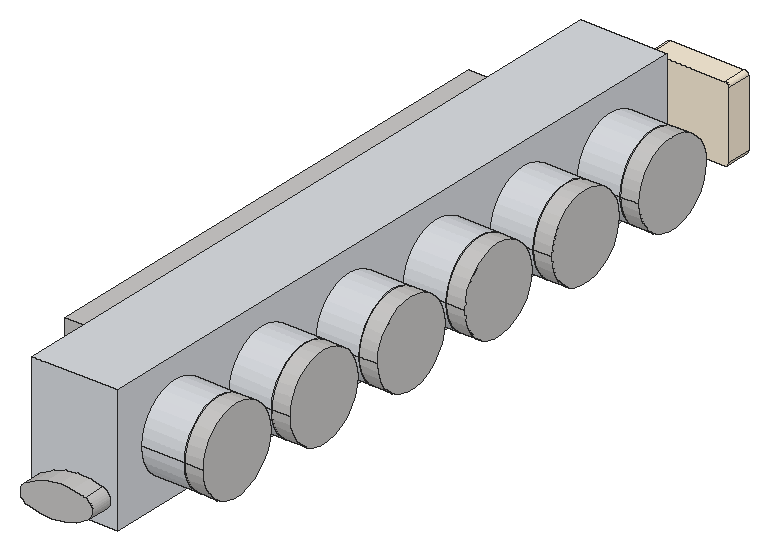
Revit family "HVAC_Ductwork_Airzone_Motorized-Plenum_Mitsubishi-Heavy_Standard_6-Dampers", category Mechanical Equipment, Revit 2016
Family settings
  Part Type = Normal
  Round Connector Dimension = Use Diameter
  OmniClass Number = 23.75.70.14
  OmniClass Title = Air Ductwork
  Work Plane-Based = No
  Always vertical = Yes
  Cut with Voids When Loaded = No
  Shared = No
  Room Calculation Point = No
Parameters (values of type "MHIST01L6")
  Voltage = 230 V
  URL = "www.airzone.es"
  Type Image Comments = "Image available in product documentation download"  # constant formula
  Revit Model Version = "1.0"  # constant formula
  Revit Model Author URL = "www.a3d.es"
  Revit Model Author = "A3D Consulting"  # constant formula
  Product Documentation Download URL = "http://doc.airzone.es/BIM/Easyzone/Mitsubishi_Heavy-Airzone_motorized_plenum.zip"
  Product Comments = "Refer to technical documentation for further details"  # constant formula
  Power Factor = 1
  Neck Width = 1206.000 mm
  Neck Length = 95.000 mm
  Neck Height = 176.000 mm
  Material = Metal - AIRZONE - Galvanized Sheet - Semi-polished
  Main Control Board Material = Plastic - AIRZONE - Smooth - Off-white
  Load Classification = Other
  Insulated Body Width = 205.000 mm  # constant formula
  Insulated Body Material = Metal -AIRZONE - Insulating Lining -Aluminum Finish
  Insulated Body Length = 1638.600 mm  # constant formula
  Insulated Body Height = 300.000 mm  # constant formula
  Flow [instance] = Damper 6 Air Flow + Damper 5 Air Flow + Damper 4 Air Flow + Damper 3 Air Flow + Damper 2 Air Flow + Damper 1 Air Flow - Fresh Air Inlet 2 Flow - Fresh Air Inlet 1 Flow  # 1800 m³/h
  Fresh Air Inlet 1 Flow [instance] = 0 m³/h
  Fresh Air Inlet 2 Flow [instance] = 0 m³/h
  Fresh Air Inlet Connection Width = 175.000 mm
  Fresh Air Inlet Connection Height = 75.000 mm
  Model = "MHIST01L6"
  Neck Side Offset = 216.300 mm
  Neck Bottom Offset = 79.000 mm
  Type Image = <None>
  Manufacturer = "AIRZONE"  # constant formula
  Main Control Board Depth = 57.000 mm  # constant formula
  Main Control Board Width = 195.000 mm  # constant formula
  Main Control Board Height = 180.000 mm  # constant formula
  Fixing = ""
  Disclaimer = "All information provided in this model is reviewed before being published. However, Airzone cannot guarantee this model is error-free, therefore users are strongly encouraged to check for technical documentation and updates"  # constant formula
  Description = "Airzone standard motorized plenum with neck that mechanically adapts to the main ducted AC units of Mitsubishi Heavy."
  Type Comments = ""
  Dampers Length = 149.000 mm  # constant formula
  Dampers Diameter = 200.000 mm  # constant formula
  Damper 6 Air Flow [instance] = 300 m³/h
  Damper 5 Air Flow [instance] = 300 m³/h
  Damper 4 Air Flow [instance] = 300 m³/h
  Damper 1 Air Flow [instance] = 300 m³/h
  Damper 2 Air Flow [instance] = 300 m³/h
  Damper 3 Air Flow [instance] = 300 m³/h
  Fresh Air Inlet Connection Offset Height = 48.305 mm  # constant formula
  Compatible Accesories = ""
  Apparent Load = 57.5 VA
Types (3, lengths in mm): name | Neck Width | Model | Neck Side Offset
  MHIST01L6 | 1206.000 | "MHIST01L6" | 216.300
  MHIST01M6 | 886.000 | "MHIST01M6" | 376.300
  MHIST01S6 | 686.000 | "MHIST01S6" | 476.300
Reference planes
  plane 1 "Center (Front/Back)": y = 0
  plane 2 "Center (Elevation)": z = 0
  plane 3 "Center (Left/Right)": x = 0
  plane 4 "Neck Back": y = 603
  plane 5 "Neck Front": y = -603
  plane 6 "Neck Top": z = 88
  plane 7 "Neck Bottom": z = -88
  plane 8 "Left": x = 95
  plane 9 "Bottom": z = -167
  plane 10 "Top": z = 133
  plane 11 "Front": y = -819.3
  plane 12 "Back": y = 819.3
  plane 13 "Right": x = 300
  plane 14 "Dampers Front": x = 449
  plane 15 "Dampers Center (Elevation)": z = -17
  plane 16 "Damper3": y = 130
  plane 17 "Damper2": y = 390
  plane 18 "Damper1": y = 650
  plane 19 "Middle": y = 0
  plane 20 "FreshAir Center (Elevation)": z = -118.695
  plane 21 "FreshAir1": y = 871.8
  plane 22 "FreshAir2": y = -871.8
  plane 23 "Dampers Lining": x = 404
  plane 24 "FreshAir Vertical Axis": x = 195.83
  plane 25 "ConnectionBox Side": x = 254
  plane 26 "Main Control Board Center (Left/Right)": x = 351.5
  plane 27 "Damper4": y = -130
  plane 28 "Damper5": y = -390
  plane 29 "Damper6": y = -650
Forms (mm)
  Extrusion 1, solid, material "Metal - AIRZONE - Galvanized Sheet - Semi-polished" <- "Material"
    sketch origin (0, 0, 0) x (0, 1, 0) y (0, 0, 1)
      loop
        line (-603, 88) -> (-603, -88) -> (603, -88) -> (603, 88) -> (-603, 88)
    from 0 to 95
  Extrusion 2, solid, material "Metal -AIRZONE - Insulating Lining -Aluminum Finish" <- "Insulated Body Material"
    sketch origin (95, 0, 0) x (0, 1, 0) y (0, 0, 1)
      loop
        line (-819.3, 133) -> (-819.3, -167) -> (819.3, -167) -> (819.3, 133) -> (-819.3, 133)
    from 0 to 205
  Extrusion 3, solid, material "Metal - AIRZONE - Galvanized Sheet - Semi-polished" <- "Material"
    sketch origin (300, 0, 0) x (0, 1, 0) y (0, 0, 1)
      loop
        circle (130, -17) r 100
    from 104 to 149
  Extrusion 4, solid, material "Metal - AIRZONE - Galvanized Sheet - Semi-polished" <- "Material"
    sketch origin (300, 0, 0) x (0, 1, 0) y (0, 0, 1)
      loop
        circle (390, -17) r 100
    from 104 to 149
  Extrusion 5, solid, material "Metal - AIRZONE - Galvanized Sheet - Semi-polished" <- "Material"
    sketch origin (300, 0, 0) x (0, 1, 0) y (0, 0, 1)
      loop
        circle (650, -17) r 100
    from 104 to 149
  Extrusion 6, solid, material "Metal - AIRZONE - Galvanized Sheet - Semi-polished" <- "Material"
    sketch origin (0, -819.3, 0) x (0, 0, 1) y (1, 0, 0)
      loop
        arc (-86.141, 265.204) -> (-107.608, 282.105) -> (-132.312, 270.434) r 25.96
        arc (-132.312, 270.434) -> (-158.302, 200.598) -> (-150.849, 126.456) r 164.67
        arc (-150.849, 126.456) -> (-129.665, 109.589) -> (-104.994, 120.751) r 25.96
        arc (-104.994, 120.751) -> (-78.725, 190.78) -> (-86.141, 265.204) r 164.67
    from 0 to -52.5
  Extrusion 7, solid, material "Metal - AIRZONE - Galvanized Sheet - Semi-polished" <- "Material"
    sketch origin (0, 819.3, 0) x (0, 0, 1) y (1, 0, 0)
      loop
        arc (-86.141, 265.204) -> (-107.325, 282.071) -> (-131.996, 270.909) r 25.96
        arc (-131.996, 270.909) -> (-158.179, 201.53) -> (-151.267, 127.699) r 164.67
        arc (-151.267, 127.699) -> (-130.032, 109.637) -> (-104.678, 121.226) r 25.96
        arc (-104.678, 121.226) -> (-78.688, 191.062) -> (-86.141, 265.204) r 164.67
    from 0 to 52.5
  Extrusion 8, solid, material "Metal -AIRZONE - Insulating Lining -Aluminum Finish" <- "Insulated Body Material"
    sketch origin (300, 0, 0) x (0, 1, 0) y (0, 0, 1)
      loop
        circle (650, -17) r 100
    from 0 to 104
  Extrusion 9, solid, material "Metal -AIRZONE - Insulating Lining -Aluminum Finish" <- "Insulated Body Material"
    sketch origin (300, -260, 0) x (0, 1, 0) y (0, 0, 1)
      loop
        circle (650, -17) r 100
    from 0 to 104
  Extrusion 10, solid, material "Metal -AIRZONE - Insulating Lining -Aluminum Finish" <- "Insulated Body Material"
    sketch origin (300, -520, 0) x (0, 1, 0) y (0, 0, 1)
      loop
        circle (650, -17) r 100
    from 0 to 104
  Extrusion 11, solid, material "Metal - AIRZONE - Galvanized Sheet - Semi-polished" <- "Material"
    sketch origin (300, -190, 0) x (0, 1, 0) y (0, 0, 1)
      loop
        circle (60, -17) r 100
    from 104 to 149
  Extrusion 12, solid, material "Metal -AIRZONE - Insulating Lining -Aluminum Finish" <- "Insulated Body Material"
    sketch origin (300, -710, 0) x (0, 1, 0) y (0, 0, 1)
      loop
        circle (580, -17) r 100
    from 0 to 104
  Extrusion 13, solid, material "Metal -AIRZONE - Insulating Lining -Aluminum Finish" <- "Insulated Body Material"
    sketch origin (300, -970, 0) x (0, 1, 0) y (0, 0, 1)
      loop
        circle (580, -17) r 100
    from 0 to 104
  Extrusion 14, solid, material "Metal - AIRZONE - Galvanized Sheet - Semi-polished" <- "Material"
    sketch origin (300, -450, 0) x (0, 1, 0) y (0, 0, 1)
      loop
        circle (60, -17) r 100
    from 104 to 149
  Extrusion 15, solid, material "Metal -AIRZONE - Insulating Lining -Aluminum Finish" <- "Insulated Body Material"
    sketch origin (300, -1230, 0) x (0, 1, 0) y (0, 0, 1)
      loop
        circle (580, -17) r 100
    from 0 to 104
  Extrusion 16, solid, material "Metal - AIRZONE - Galvanized Sheet - Semi-polished" <- "Material"
    sketch origin (300, -710, 0) x (0, 1, 0) y (0, 0, 1)
      loop
        circle (60, -17) r 100
    from 104 to 149
Lines and regions (mm)
  Masking region 1
    outline origin (0, 0, 0) x (1, 0, 0) y (0, 1, 0)
      loop
        line (95, 819.3) -> (95, -819.3) -> (300, -819.3) -> (300, 819.3) -> (95, 819.3)
  Masking region 2, detail levels medium+fine
    outline origin (0, 0, 0) x (1, 0, 0) y (0, 1, 0)
      loop
        line (0, 603) -> (0, -603) -> (95, -603) -> (95, 603) -> (0, 603)
  Masking region 3, detail levels medium+fine
    outline origin (0, 0, 0) x (1, 0, 0) y (0, 1, 0)
      loop
        line (300, 230) -> (300, 30) -> (449, 30) -> (449, 230) -> (300, 230)
  Masking region 4, detail levels medium+fine
    outline origin (0, 260, 0) x (1, 0, 0) y (0, 1, 0)
      loop
        line (300, 230) -> (300, 30) -> (449, 30) -> (449, 230) -> (300, 230)
  Masking region 5, detail levels medium+fine
    outline origin (0, 520, 0) x (1, 0, 0) y (0, 1, 0)
      loop
        line (300, 230) -> (300, 30) -> (449, 30) -> (449, 230) -> (300, 230)
  Masking region 6, detail levels medium+fine
    outline origin (0, 0, -118.695) x (1, 0, 0) y (0, 1, 0)
      loop
        line (108.33, 871.8) -> (108.33, 819.3) -> (283.33, 819.3) -> (283.33, 871.8) -> (108.33, 871.8)
  Masking region 7, detail levels medium+fine
    outline origin (0, 0, -118.695) x (1, 0, 0) y (0, 1, 0)
      loop
        line (108.33, -819.3) -> (108.33, -871.8) -> (283.33, -871.8) -> (283.33, -819.3) -> (108.33, -819.3)
  Masking region 8, detail levels medium+fine
    outline origin (0, 0, 133) x (0, -1, 0) y (1, 0, 0)
      loop
        line (-876.3, 254) -> (-819.3, 254) -> (-819.3, 449) -> (-876.3, 449) -> (-876.3, 254)
  Masking region 9, detail levels medium+fine
    outline origin (0, -190, 0) x (1, 0, 0) y (0, 1, 0)
      loop
        line (300, 160) -> (300, -40) -> (449, -40) -> (449, 160) -> (300, 160)
  Masking region 10, detail levels medium+fine
    outline origin (0, -450, 0) x (1, 0, 0) y (0, 1, 0)
      loop
        line (300, 160) -> (300, -40) -> (449, -40) -> (449, 160) -> (300, 160)
  Masking region 11, detail levels medium+fine
    outline origin (0, -710, 0) x (1, 0, 0) y (0, 1, 0)
      loop
        line (300, 160) -> (300, -40) -> (449, -40) -> (449, 160) -> (300, 160)
  symbolic lines, detail levels coarse
    curve 1: line (95, -819.3, 0) -> (300, 130, 0)
    curve 2: line (300, 130, 0) -> (95, 819.3, 0)
Dimensions and locks
  equal spacing: plane 4 "Neck Back", plane 1 "Center (Front/Back)", plane 5 "Neck Front"
  "Neck Width": plane 4 "Neck Back" to plane 5 "Neck Front"
  equal spacing: plane 6 "Neck Top", level, plane 7 "Neck Bottom"
  "Neck Height": plane 6 "Neck Top" to plane 7 "Neck Bottom"
  "Neck Length": plane 3 "Center (Left/Right)" to plane 8 "Left"
  "Neck Bottom Offset": plane 7 "Neck Bottom" to plane 9 "Bottom"
  "Insulated Body Height": plane 10 "Top" to plane 9 "Bottom"
  "Insulated Body Length": plane 12 "Back" to plane 11 "Front"
  "Insulated Body Width": plane 8 "Left" to plane 13 "Right"
  "Dampers Length": plane 13 "Right" to plane 14 "Dampers Front"
  equal spacing: plane 10 "Top", plane 15 "Dampers Center (Elevation)", plane 9 "Bottom"
  equal spacing: plane 12 "Back", plane 19 "Middle", plane 11 "Front"
  plane 8 "Left" to plane 13 "Right" = 205.000 mm
  "Fresh Air Inlet Connection Offset Height": plane 20 "FreshAir Center (Elevation)" to plane 9 "Bottom"
  locked: Extrusion 6 sketch curve to plane 9 "Bottom" at 56.47
  locked: plane 13 "Right" to Extrusion 6 sketch curve at 43.69
  locked: plane 13 "Right" to Extrusion 6 sketch curve at 164.65
  locked: Extrusion 6 sketch curve to plane 9 "Bottom" at 40.54
  locked: plane 13 "Right" to Extrusion 6 sketch curve at 87.91
  locked: plane 9 "Bottom" to Extrusion 6 sketch curve at 75.01
  locked: plane 13 "Right" to Extrusion 6 sketch curve at 120.43
  locked: Extrusion 6 sketch curve to plane 9 "Bottom" at 172.02
  locked: plane 13 "Right" to Extrusion 7 sketch curve at 43.69
  locked: Extrusion 7 sketch curve to plane 9 "Bottom" at 56.47
  locked: Extrusion 7 sketch curve to plane 9 "Bottom" at 40.54
  locked: plane 13 "Right" to Extrusion 7 sketch curve at 164.65
  locked: plane 13 "Right" to Extrusion 7 sketch curve at 120.43
  locked: Extrusion 7 sketch curve to plane 9 "Bottom" at 172.02
  locked: plane 9 "Bottom" to Extrusion 7 sketch curve at 75.01
  locked: plane 13 "Right" to Extrusion 7 sketch curve at 87.91
  "Neck Side Offset": plane 12 "Back" to plane 4 "Neck Back"
  locked: plane 21 "FreshAir1" to plane 12 "Back" at 52.5
  plane 11 "Front" to plane 22 "FreshAir2" = 52.500 mm
  locked: connector elem to plane 13 "Right" at 104.17
  locked: plane 20 "FreshAir Center (Elevation)" to connector elem
  locked: plane 13 "Right" to connector elem at 104.17
  locked: connector elem to plane 20 "FreshAir Center (Elevation)"
  locked: plane 23 "Dampers Lining" to plane 14 "Dampers Front" at 45
  locked: plane 24 "FreshAir Vertical Axis" to plane 13 "Right" at 104.17
  equal spacing: Masking region 3 sketch curve, plane 16 "Damper3", Masking region 3 sketch curve
  "Dampers Diameter": Masking region 3 sketch curve to Masking region 3 sketch curve
  "Dampers Diameter": Masking region 4 sketch curve to Masking region 4 sketch curve
  equal spacing: Masking region 5 sketch curve, plane 18 "Damper1", Masking region 5 sketch curve
  "Dampers Diameter": Masking region 5 sketch curve to Masking region 5 sketch curve
  equal spacing: Masking region 6 sketch curve, plane 24 "FreshAir Vertical Axis", Masking region 6 sketch curve
  "Fresh Air Inlet Connection Width": Masking region 6 sketch curve to Masking region 6 sketch curve
  equal spacing: Masking region 7 sketch curve, plane 24 "FreshAir Vertical Axis", Masking region 7 sketch curve
  "Fresh Air Inlet Connection Width": Masking region 7 sketch curve to Masking region 7 sketch curve
  "Main Control Board Depth": Masking region 8 sketch curve to plane 12 "Back"
  "Main Control Board Width": plane 25 "ConnectionBox Side" to plane 14 "Dampers Front"
  equal spacing: plane 25 "ConnectionBox Side", plane 26 "Main Control Board Center (Left/Right)", plane 14 "Dampers Front"
  locked: nested 1 to plane 10 "Top" at 10
  equal spacing: Masking region 4 sketch curve, plane 17 "Damper2", Masking region 4 sketch curve
  equal spacing: Masking region 9 sketch curve, plane 27 "Damper4", Masking region 9 sketch curve
  "Dampers Diameter": Masking region 9 sketch curve to Masking region 9 sketch curve
  plane 18 "Damper1" to plane 17 "Damper2" to plane 16 "Damper3" to plane 27 "Damper4" to plane 28 "Damper5" to plane 29 "Damper6" = 260.000 mm locked, 260.000 mm locked, 260.000 mm locked, 260.000 mm locked, 260.000 mm locked
  locked: plane 16 "Damper3" to plane 19 "Middle" at 130
  equal spacing: Masking region 10 sketch curve, plane 28 "Damper5", Masking region 10 sketch curve
  "Dampers Diameter": Masking region 10 sketch curve to Masking region 10 sketch curve
  equal spacing: Masking region 11 sketch curve, plane 29 "Damper6", Masking region 11 sketch curve
  "Dampers Diameter": Masking region 11 sketch curve to Masking region 11 sketch curve
  "Dampers Diameter": diameter of Extrusion 3 sketch curve
  "Dampers Diameter": diameter of Extrusion 4 sketch curve
  "Dampers Diameter": diameter of Extrusion 5 sketch curve
  radius of Extrusion 7 sketch curve = 164.670 mm  (x2)
  radius of Extrusion 7 sketch curve = 25.960 mm  (x2)
  radius of Extrusion 6 sketch curve = 164.670 mm  (x2)
  radius of Extrusion 6 sketch curve = 25.960 mm  (x2)
  "Dampers Diameter": diameter of Extrusion 8 sketch curve
  "Dampers Diameter": diameter of Extrusion 9 sketch curve
  "Dampers Diameter": diameter of Extrusion 10 sketch curve
  "Dampers Diameter": diameter of Extrusion 11 sketch curve
  "Dampers Diameter": diameter of Extrusion 12 sketch curve
  "Dampers Diameter": diameter of Extrusion 13 sketch curve
  "Dampers Diameter": diameter of Extrusion 14 sketch curve
  "Dampers Diameter": diameter of Extrusion 15 sketch curve
  "Dampers Diameter": diameter of Extrusion 16 sketch curve
  aligned and locked: level to plane 2 "Center (Elevation)"
  aligned and locked: plane 5 "Neck Front" to Extrusion 1 sketch curve
  aligned and locked: Extrusion 1 sketch curve to plane 6 "Neck Top"
  aligned and locked: Extrusion 1 sketch curve to plane 4 "Neck Back"
  aligned and locked: plane 7 "Neck Bottom" to Extrusion 1 sketch curve
  aligned and locked: Extrusion 1 to plane 3 "Center (Left/Right)"
  aligned and locked: Extrusion 2 sketch curve to plane 10 "Top"
  aligned and locked: Extrusion 2 sketch curve to plane 12 "Back"
  aligned and locked: Extrusion 2 sketch curve to plane 9 "Bottom"
  aligned and locked: plane 11 "Front" to Extrusion 2 sketch curve
  aligned and locked: Extrusion 2 to plane 13 "Right"
  aligned and locked: Extrusion 2 to plane 8 "Left"
  aligned and locked: plane 16 "Damper3" to Extrusion 3 sketch curve
  aligned and locked: plane 15 "Dampers Center (Elevation)" to Extrusion 3 sketch curve
  aligned and locked: plane 15 "Dampers Center (Elevation)" to Extrusion 4 sketch curve
  aligned and locked: plane 18 "Damper1" to Extrusion 5 sketch curve
  aligned and locked: plane 15 "Dampers Center (Elevation)" to Extrusion 5 sketch curve
  aligned and locked: plane 14 "Dampers Front" to Extrusion 5
  aligned and locked: plane 14 "Dampers Front" to Extrusion 4
  aligned and locked: plane 14 "Dampers Front" to Extrusion 3
  aligned and locked: plane 8 "Left" to Extrusion 1
  aligned and locked: plane 22 "FreshAir2" to Extrusion 6
  aligned and locked: plane 21 "FreshAir1" to Extrusion 7
  aligned and locked: Extrusion 7 to plane 12 "Back"
  aligned and locked: plane 11 "Front" to Extrusion 6
  aligned and locked: Extrusion 5 to plane 23 "Dampers Lining"
  aligned and locked: Extrusion 5 to Extrusion 4
  aligned and locked: Extrusion 4 to Extrusion 3
  aligned and locked: plane 23 "Dampers Lining" to Extrusion 8
  aligned and locked: Extrusion 10 to plane 13 "Right"
  aligned and locked: plane 23 "Dampers Lining" to Extrusion 10
  aligned and locked: Extrusion 9 to plane 13 "Right"
  aligned and locked: plane 23 "Dampers Lining" to Extrusion 9
  aligned and locked: Extrusion 8 to plane 13 "Right"
  aligned and locked: Extrusion 9 to Extrusion 8
  aligned and locked: plane 18 "Damper1" to Extrusion 8 sketch curve
  aligned and locked: plane 15 "Dampers Center (Elevation)" to Extrusion 8 sketch curve
  aligned and locked: plane 15 "Dampers Center (Elevation)" to Extrusion 9 sketch curve
  aligned and locked: plane 16 "Damper3" to Extrusion 10 sketch curve
  aligned and locked: plane 15 "Dampers Center (Elevation)" to Extrusion 10 sketch curve
  aligned and locked: Masking region 1 sketch curve to plane 12 "Back"
  aligned and locked: Masking region 1 sketch curve to plane 8 "Left"
  aligned and locked: Masking region 1 sketch curve to plane 13 "Right"
  aligned and locked: plane 11 "Front" to Masking region 1 sketch curve
  aligned and locked: plane 5 "Neck Front" to Masking region 2 sketch curve
  aligned and locked: plane 3 "Center (Left/Right)" to Masking region 2 sketch curve
  aligned and locked: Masking region 2 sketch curve to plane 4 "Neck Back"
  aligned and locked: Masking region 2 sketch curve to plane 8 "Left"
  aligned and locked: plane 13 "Right" to Masking region 3 sketch curve
  aligned and locked: Masking region 3 sketch curve to plane 14 "Dampers Front"
  aligned and locked: plane 13 "Right" to Masking region 4 sketch curve
  aligned and locked: Masking region 4 sketch curve to plane 14 "Dampers Front"
  aligned and locked: plane 13 "Right" to Masking region 5 sketch curve
  aligned and locked: Masking region 5 sketch curve to plane 14 "Dampers Front"
  aligned and locked: plane 12 "Back" to Masking region 6 sketch curve
  aligned and locked: Masking region 6 sketch curve to plane 21 "FreshAir1"
  aligned and locked: Masking region 7 sketch curve to plane 11 "Front"
  aligned and locked: Masking region 7 sketch curve to plane 22 "FreshAir2"
  aligned and locked: plane 12 "Back" to Masking region 8 sketch curve
  aligned and locked: Masking region 8 sketch curve to plane 14 "Dampers Front"
  aligned and locked: plane 25 "ConnectionBox Side" to Masking region 8 sketch curve
  aligned and locked: plane 17 "Damper2" to Extrusion 9 sketch curve
  aligned and locked: plane 17 "Damper2" to Extrusion 4 sketch curve
  aligned and locked: Masking region 9 sketch curve to plane 14 "Dampers Front"
  aligned and locked: plane 13 "Right" to Masking region 9 sketch curve
  aligned and locked: Extrusion 12 to plane 13 "Right"
  aligned and locked: plane 23 "Dampers Lining" to Extrusion 12
  aligned and locked: Extrusion 11 to plane 23 "Dampers Lining"
  aligned and locked: plane 14 "Dampers Front" to Extrusion 11
  aligned and locked: plane 15 "Dampers Center (Elevation)" to Extrusion 12 sketch curve
  aligned and locked: plane 27 "Damper4" to Extrusion 12 sketch curve
  aligned and locked: plane 15 "Dampers Center (Elevation)" to Extrusion 11 sketch curve
  aligned and locked: plane 27 "Damper4" to Extrusion 11 sketch curve
  aligned and locked: Masking region 10 sketch curve to plane 14 "Dampers Front"
  aligned and locked: plane 13 "Right" to Masking region 10 sketch curve
  aligned and locked: plane 28 "Damper5" to Extrusion 13 sketch curve
  aligned and locked: plane 15 "Dampers Center (Elevation)" to Extrusion 13 sketch curve
  aligned and locked: Extrusion 14 to plane 23 "Dampers Lining"
  aligned and locked: plane 14 "Dampers Front" to Extrusion 14
  aligned and locked: plane 15 "Dampers Center (Elevation)" to Extrusion 14 sketch curve
  aligned and locked: plane 28 "Damper5" to Extrusion 14 sketch curve
  aligned and locked: Masking region 11 sketch curve to plane 14 "Dampers Front"
  aligned and locked: plane 13 "Right" to Masking region 11 sketch curve
  aligned and locked: Extrusion 15 to plane 13 "Right"
  aligned and locked: plane 23 "Dampers Lining" to Extrusion 15
  aligned and locked: plane 29 "Damper6" to Extrusion 15 sketch curve
  aligned and locked: plane 15 "Dampers Center (Elevation)" to Extrusion 15 sketch curve
  aligned and locked: plane 14 "Dampers Front" to Extrusion 16
  aligned and locked: Extrusion 16 to plane 23 "Dampers Lining"
  aligned and locked: plane 15 "Dampers Center (Elevation)" to Extrusion 16 sketch curve
  aligned and locked: plane 29 "Damper6" to Extrusion 16 sketch curve
  aligned and locked: nested 1 to plane 26 "Main Control Board Center (Left/Right)"
Automatic sketch dimensions
  curve 2 to plane 8 "Left" = 0.000 mm
  curve 1 to plane 8 "Left" = 0.000 mm
  curve 2 to plane 13 "Right" = 0.000 mm
  curve 1 to plane 11 "Front" = 0.000 mm
  curve 2 to plane 16 "Damper3" = 0.000 mm
  curve 2 to plane 12 "Back" = 0.000 mm
Nested families
  nested 1: "Airzone_Main-Control-Board" at (351.5, 819.3, 33) x (-1, 0, 0) z (0, 1, 0), Extrusion <- "Main Control Board Depth", Height <- "Main Control Board Height", Width <- "Main Control Board Width", Material <- "Main Control Board Material", type "Standard"
    with Width 195.000 mm, Material Plastic - AIRZONE - Smooth - Off-white, Height 180.000 mm, Extrusion 57.000 mm
Connectors
  hvac at (449, 130, -17), driven by "Damper 3 Air Flow", driven by "Dampers Diameter"
    settings: on Extrusion 3, index 1, duct flow 300 m³/h, flow factor 0, pres drop 0.0 Pa, loss coef 0, conn angle 0.00°, conn width 304.8 mm, conn height 304.8 mm, conn diameter 200 mm, duct sys type 1, conn prof type 0, flow config 0, flow direction 2, loss method 0, conn ref index -1, conn util no, is conn primary no, conn desc "Supply Air Out 3"
  hvac at (449, 390, -17), driven by "Damper 2 Air Flow", driven by "Dampers Diameter"
    settings: on Extrusion 4, index 2, duct flow 300 m³/h, flow factor 0, pres drop 0.0 Pa, loss coef 0, conn angle 0.00°, conn width 304.8 mm, conn height 304.8 mm, conn diameter 200 mm, duct sys type 1, conn prof type 0, flow config 0, flow direction 2, loss method 0, conn ref index -1, conn util no, is conn primary no, conn desc "Supply Air Out 2"
  hvac at (449, 650, -17), driven by "Damper 1 Air Flow", driven by "Dampers Diameter"
    settings: on Extrusion 5, index 3, duct flow 300 m³/h, flow factor 0, pres drop 0.0 Pa, loss coef 0, conn angle 0.00°, conn width 304.8 mm, conn height 304.8 mm, conn diameter 200 mm, duct sys type 1, conn prof type 0, flow config 0, flow direction 2, loss method 0, conn ref index -1, conn util no, is conn primary no, conn desc "Supply Air Out 1"
  hvac at (0, 0, 0), driven by "Flow", driven by "Neck Height", driven by "Neck Width"
    settings: on Extrusion 1, index 6, duct flow 1800 m³/h, flow factor 0, pres drop 0.0 Pa, loss coef 0, conn angle 0.00°, conn width 1206 mm, conn height 176 mm, conn diameter 609.6 mm, duct sys type 1, conn prof type 1, flow config 1, flow direction 1, loss method 0, conn ref index -1, conn util no, is conn primary yes, conn desc "Supply Air In"
  hvac at (195.83, -871.8, -118.695), driven by "Fresh Air Inlet 2 Flow", driven by "Fresh Air Inlet Connection Width", driven by "Fresh Air Inlet Connection Height"
    settings: index 7, duct flow 0 m³/h, flow factor 0, pres drop 0.0 Pa, loss coef 0, conn angle 0.00°, conn width 175 mm, conn height 75 mm, conn diameter 609.6 mm, duct sys type 1, conn prof type 2, flow config 1, flow direction 1, loss method 0, conn ref index -1, conn util no, is conn primary no, conn desc "Fresh Air In 2"
  hvac at (195.83, 871.8, -118.695), driven by "Fresh Air Inlet 1 Flow", driven by "Fresh Air Inlet Connection Height", driven by "Fresh Air Inlet Connection Width"
    settings: index 8, duct flow 0 m³/h, flow factor 0, pres drop 0.0 Pa, loss coef 0, conn angle 0.00°, conn width 175 mm, conn height 75 mm, conn diameter 609.6 mm, duct sys type 1, conn prof type 2, flow config 1, flow direction 1, loss method 0, conn ref index -1, conn util no, is conn primary no, conn desc "Fresh Air In 1"
  hvac at (449, -130, -17), driven by "Damper 4 Air Flow", driven by "Dampers Diameter"
    settings: on Extrusion 11, index 9, duct flow 300 m³/h, flow factor 0, pres drop 0.0 Pa, loss coef 0, conn angle 0.00°, conn width 304.8 mm, conn height 304.8 mm, conn diameter 200 mm, duct sys type 1, conn prof type 0, flow config 0, flow direction 2, loss method 0, conn ref index -1, conn util no, is conn primary no, conn desc "Supply Air Out 4"
  hvac at (449, -390, -17), driven by "Damper 5 Air Flow", driven by "Dampers Diameter"
    settings: on Extrusion 14, index 10, duct flow 300 m³/h, flow factor 0, pres drop 0.0 Pa, loss coef 0, conn angle 0.00°, conn width 304.8 mm, conn height 304.8 mm, conn diameter 200 mm, duct sys type 1, conn prof type 0, flow config 0, flow direction 2, loss method 0, conn ref index -1, conn util no, is conn primary no, conn desc "Supply Air Out 5"
  hvac at (449, -650, -17), driven by "Damper 6 Air Flow", driven by "Dampers Diameter"
    settings: on Extrusion 16, index 11, duct flow 300 m³/h, flow factor 0, pres drop 0.0 Pa, loss coef 0, conn angle 0.00°, conn width 304.8 mm, conn height 304.8 mm, conn diameter 200 mm, duct sys type 1, conn prof type 0, flow config 0, flow direction 2, loss method 0, conn ref index -1, conn util no, is conn primary no, conn desc "Supply Air Out 6"
  electrical at (351.5, 876.3, 33), driven by "Load Classification", driven by "Voltage", driven by "Apparent Load", driven by "Power Factor"
    settings: on nested 1, index 12, voltage 230 V, apparent load 57.5 VA, apparent load phase1 0 VA, apparent load phase2 0 VA, apparent load phase3 0 VA, power factor 1, load classification "Other", number of poles 1, system type 30, power factor state 1, is connector primary yes, connector utility no, sub classification motor no, connector description "Power Supply"
Definition of nested family "Airzone_Main-Control-Board"
  Parameters (values of type "Standard")
    Width [instance] = 195.000 mm
    URL = "www.airzone.es"
    Revit Model Version = "1.0"  # constant formula
    Revit Model Author URL = "www.a3d.es"
    Revit Model Author = "A3D Consulting"  # constant formula
    Material [instance] = none
    Manufacturer = "AIRZONE"  # constant formula
    Height [instance] = 180.000 mm
    Extrusion [instance] = 57.000 mm
    Default Elevation = 0.000 mm
  Reference planes
    plane 1 "Center (Front/Back)": y = 0
    plane 2: z = 0
    plane 3 "Center (Left/Right)": x = 0
    plane 4: y = 90
    plane 5: y = -90
    plane 6: x = 97.5
    plane 7: x = -97.5
  Forms (mm)
    Extrusion 1, solid, material <- "Material"
      sketch origin (0, 0, 0) x (1, 0, 0) y (0, 1, 0)
        loop
          arc (-87.5, 90) -> (-94.571, 87.071) -> (-97.5, 80) r 10
          line (-97.5, 80) -> (-97.5, -80)
          arc (-97.5, -80) -> (-94.571, -87.071) -> (-87.5, -90) r 10
          line (-87.5, -90) -> (87.5, -90)
          arc (87.5, -90) -> (94.571, -87.071) -> (97.5, -80) r 10
          line (97.5, -80) -> (97.5, 80)
          arc (97.5, 80) -> (94.571, 87.071) -> (87.5, 90) r 10
          line (87.5, 90) -> (-87.5, 90)
      from 0 to 57 <- "Extrusion"
  Dimensions and locks
    equal spacing: plane 7, plane 3 "Center (Left/Right)", plane 6
    equal spacing: plane 4, plane 1 "Center (Front/Back)", plane 5
    "Width": plane 7 to plane 6
    "Height": plane 4 to plane 5
    radius of Extrusion 1 sketch curve = 10.000 mm  (x4)
    aligned and locked: level to plane 2
    aligned and locked: plane 5 to Extrusion 1 sketch curve
    aligned and locked: Extrusion 1 sketch curve to plane 6
    aligned and locked: Extrusion 1 sketch curve to plane 4
    aligned and locked: plane 7 to Extrusion 1 sketch curve
